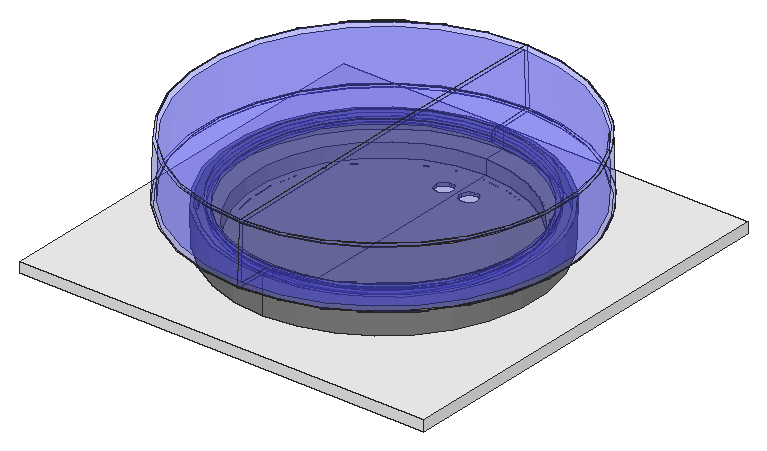
Revit family "BE_24027_de_DE", category Leuchten, Revit 2015
Parameters (values of type "BEGA_24027_Grafit_K4")
  built-in parameter 1150104 = 13.369 (stored number, unit not read)
  Wattage = 28.1 W
  Default Elevation = 0 mm
  built-in parameter 1150113 = 1 (stored number, unit not read)
  built-in parameter 1114218 = 1 (stored number, unit not read)
  Umgebungstemperatur = "25 °C"
  URL = "http://www.bega.de/produkt/24027"
  Typenkommentare = "© 2017 BEGA. Wir behalten uns das Recht vor, technische Änderungen ohne vorherige Ankündigung vorzunehmen."  # constant formula
  Type Image = 24027.png
  built-in parameter 1150134 = 12
  built-in parameter 1150109 = 1 (stored number, unit not read)
  Strom = ""
  built-in parameter 1150110 = 1 (stored number, unit not read)
  Spannung = 239.996 V
  Sonderanfertigung = no
  Seriennummer [instance] = "Hier können Sie die eindeutige Seriennummer für das Facility Management eintragen."
  Schutzklasse = "I"
  Schutzart = "IP 65"
  Scheinlast = 0 VA
  Produktdatenblatt = "http://www.bega.de/download/Xrfa/db/24027.db.de.pdf"
  Oberflächentemperatur = ""
  Neigungswinkel = 0.00°
  Modell = "24027K4"
  Material_17 = BEGA_Reflektor
  Material_15 = BEGA_Leuchtmedium_matt
  Material_11 = BEGA_Glas_opal
  Material_09 = BEGA_Glas_klar
  Material_06 = BEGA_Oberfläche_Edelstahl_gebürstet
  Material_05 = BEGA_Oberfläche_Aluminium Guss
  Material_03 = BEGA_Oberfläche_Weiss_matt
  Material_02 = BEGA_Oberfläche_Silber_matt
  Material_01 [instance] = BEGA_Oberfläche_Grafit_matt
  M_W = no
  M_G = yes
  M_A = no
  Logo = 0
  built-in parameter 1114217 = 1 (stored number, unit not read)
  built-in parameter 1150139 = (empty or 0)
  built-in parameter 1150105 = 1081.8 (stored number, unit not read)
  built-in parameter 1150114 = 1 (stored number, unit not read)
  Lumens = 4043.59 lm
  built-in parameter 1150115 = 1 (stored number, unit not read)
  Leuchtenlichtstrom = "3178 lm"
  Leuchtenanzahl = ""
  Lebensdauerkriterien = "L70B50 @ 25 °C =  h"
  Lastklassifizierung = Beleuchtung
  built-in parameter 1150112 = 1 (stored number, unit not read)
  Lampenlichtstrom = "4045 lm"
  Lampe = "LED 28.1 W"
  LED_Modulbezeichnung = "LED-0832/840 "
  built-in parameter 1150142 = (empty or 0)
  Hersteller = "BEGA"  # constant formula
  Halbstreuwinkel = ""
  Gewicht = "3.8 kg"
  Gebrauchslageneinschränkung [instance] = ""
  Frequenz = "0/50-60 Hz"
  Farbwiedergabeindex = "Ra > 80"
  Farbtemperaturverschiebung bei Dämpfen der Lampe = <Keine Auswahl>
  Farbtemperatur = "4000 K"
  Color Filter = 16777215
  built-in parameter 1150133 = 10 (stored number, unit not read)
  Energieeffizienzklasse = "LED A++ - A"
  built-in parameter 1150137 = (empty or 0)
  built-in parameter 1150132 = (empty or 0)
  ENEC = ""
  Dimmbar [instance] = "DALI"
  Datei für fotometrisches Netz = "BE_24027K4.IES"
  CE_Konformität = "ja"
  Bestellnummer = "24027K4"
  Beschreibung_Sonderanfertigung = "Hier können Sie Informationen zur Sonderanfertigung eintragen."
  Beschreibung = "Decken- und Wandleuchte"
  built-in parameter 1150106 = 10.818 (stored number, unit not read)
  Befestigungsbohrung = "Ø 5,5 mm"
  Befestigungsabstand = "283 mm"
  Ballwurfsicher = ""
  BEGA_Intern_aus = yes
  BEGA_Intern_an = yes
  BEGA_Intern_Konstruktion = yes
  BEGA_Intern = yes
  BEGA_IES = yes
  BEGA_Dummy = no
  Anschlussleitung = ""
  Anschlussleistung [instance] = "32 W"
  Anschlusskasten = ""
  built-in parameter 1150107 = 4000 (stored number, unit not read)
  built-in parameter 1150102 = (empty or 0)
  built-in parameter 1150138 = (empty or 0)
  Aktualisierung = "2017-07-04T04:09:06"
  Abstand_zur_angestrahlten_Fläche [instance] = ""
  AC/DC = "AC/DC"
Types (2, lengths in mm): name | built-in parameter 1150134 | Modell | LED_Modulbezeichnung | Farbtemperatur | Datei für fotometrisches Netz | Bestellnummer | built-in parameter 1150107
  BEGA_24027_Grafit_K3 | (empty or 0) | "24027" | "LED-0832/830 " | "3000 K" | "BE_24027.IES" | "24027" | 3000 (stored number, unit not read)
  BEGA_24027_Grafit_K4 | 12 | "24027K4" | "LED-0832/840 " | "4000 K" | "BE_24027K4.IES" | "24027K4" | 4000 (stored number, unit not read)
Reference planes
  plane 1 "Mitte (Vorne/Hinten)": y = 0
  plane 2: z = 0
  plane 3 "Mitte (Links/Rechts)": x = 0
  plane 4 "Links": x = -179.9
  plane 5 "Rechts": x = 179.9
  plane 6 "Unten": y = -179.948
  plane 7 "Oben": y = 179.948
  plane 8 "Vorne": z = 98.613
  plane 9 "Hinten": z = 0
Forms (mm)
  Extrusion 1, solid, material "BEGA_Platte_Weiss"
    sketch origin (0, -1119.2, 0) x (1, 0, 0) y (0, 1, 0)
      loop
        line (-200, 1319.2) -> (-200, 919.2) -> (200, 919.2) -> (200, 1319.2) -> (-200, 1319.2)
    from 0 to -10
  Extrusion 2, solid, material "BEGA_Dummy_matt", visible <- "BEGA_Dummy"
    sketch origin (77.149, -76.023, 0) x (1, 0, 0) y (0, 1, 0)
      loop
        circle (-77.149, 76.023) r 180
    from 0 to 98.613
Dimensions and locks
  plane 1 "Mitte (Vorne/Hinten)" to Extrusion 1 = 200 mm
  aligned and locked: plane 2 to Extrusion 1
  aligned and locked: level to Extrusion 1
Nested families
  nested 1: "BE_24027" at (0, 0, 0), type "BE_24027"
Connectors
  electrical at (0, 0, 0), driven by "Lastklassifizierung", driven by "Spannung", driven by "Scheinlast"
    settings: index 1, voltage 239.996 V, apparent load 0 VA, apparent load phase1 0 VA, apparent load phase2 0 VA, apparent load phase3 0 VA, power factor 1, load classification "Beleuchtung", number of poles 1, system type 31, power factor state 1, is connector primary yes, connector utility no, sub classification motor no, connector description ""
Definition of nested family "BE_24027"
  Parameters (values of type "BE_24027")
    Default Elevation = 1 mm
    URL = "http://www.bega.de/de/produkt"
    Type Comments = "© 2015 BEGA. Wir behalten uns das Recht vor, technische Änderungen ohne vorherige Ankündigung vorzunehmen. "  # constant formula
    Type Image = (empty or 0)
    Neigungswinkel_um_Z2 = 0.00°
    Neigungswinkel_um_Z1 = 0.00°
    Neigungswinkel_um_Y2 = 0.00°
    Neigungswinkel_um_Y1 = 0.00°
    Neigungswinkel_um_X2 = 0.00°
    Neigungswinkel_um_X1 = 0.00°
    Material_17 = none
    Material_15 = none
    Material_11 = none
    Material_09 = none
    Material_06 = none
    Material_05 = none
    Material_03 = none
    Material_02 = none
    Material_01 = none
    M_W = yes
    M_G = yes
    M_A = yes
    Länge_Platte = 400 mm  # constant formula
    Höhe_Platte = -10 mm  # constant formula
    Manufacturer = "BEGA"  # constant formula
    Drehwinkel_um_Z2 = 0.00°
    Drehwinkel_um_Z1 = 0.00°
    Breite_Platte = 400 mm  # constant formula
  Reference planes
    plane 1 "Mitte (Oben/Unten)": y = 0
    plane 2: z = 0
    plane 3 "Mitte (Links/Rechts)": x = 0
    plane 4: y = -179.948
    plane 5: z = 98.613
    plane 6: y = 179.948
    plane 7: x = -179.9
    plane 8: x = 179.9
  Forms (mm)
    Extrusion 1, solid, detail levels medium
      sketch origin (0, 0, 0) x (1, 0, 0) y (0, 1, 0)
        loop
          line (-200, 200) -> (-200, -200) -> (200, -200) -> (200, 200) -> (-200, 200)
      from 0 to -10 <- "Höhe_Platte"
    Revolve 2, solid, material <- "Material_01", detail levels medium+fine
      sketch origin (0, 0, 0) x (0, 1, 0) y (0, 0, 1)
        loop
          line (0, 1.5) -> (0, 4) -> (-125.732, 4) -> (-126.221, 18) -> (-147.07, 18) -> (-146.764, 35.5) -> (-150, 35.5) -> (-149.389, 0.5) -> (-147.375, 0.5) -> (-147.113, 15.5) -> (-128.635, 15.5) -> (-128.145, 1.466)
          arc (-128.145, 1.466) -> (-127.84, 0.781) -> (-127.145, 0.501) r 1.001
          line (-127.145, 0.501) -> (-123.374, 0.501)
          arc (-123.374, 0.501) -> (-122.897, 0.646) -> (-122.549, 1.003) r 1
          arc (-122.549, 1.003) -> (-122.183, 1.367) -> (-121.684, 1.5) r 1
          line (-121.684, 1.5) -> (0, 1.5)
        axis (0, 35.5) -> (0, 0.5)
      angle from 0 to 360
    Revolve 3, solid, material <- "Material_01", detail levels medium+fine
      sketch origin (141.5, 0, 0) x (0, 1, 0) y (0, 0, 1)
        loop
          line (-2.75, 0) -> (-2.75, 16.024) -> (-7.986, 16.024) -> (-6.928, 0.898)
          arc (-6.928, 0.898) -> (-6.623, 0.259) -> (-5.965, 0) r 0.966
          line (-5.965, 0) -> (-2.75, 0)
        axis (0, 0) -> (0, 16.024)
      angle from 0 to 360
    Extrusion 4, void
      sketch origin (0, 0, 0) x (1, 0, 0) y (0, 1, 0)
        loop
          circle (-12.328, 90.018) r 8.5
        loop
          circle (12.328, 90.018) r 8.5
      from 0 to 10
    Revolve 5, solid, material <- "Material_11", detail levels medium+fine
      sketch origin (0, 0, 0) x (0, 1, 0) y (0, 0, 1)
        loop
          arc (-139.448, 36.051) -> (-138.067, 35.447) -> (-137.5, 34.052) r 2
          line (-137.5, 34.052) -> (-137.5, 29) -> (-133.5, 29) -> (-133.5, 34.052)
          arc (-133.5, 34.052) -> (-135.202, 38.238) -> (-139.343, 40.05) r 6
          line (-139.343, 40.05) -> (-175.897, 41.007) -> (-174.531, 93.146)
          arc (-174.531, 93.146) -> (-87.269, 94.246) -> (0, 94.613) r 10382.551
          line (0, 94.613) -> (0, 98.613)
          arc (0, 98.613) -> (-88.264, 98.238) -> (-176.521, 97.113) r 10386.551
          arc (-176.521, 97.113) -> (-177.895, 96.534) -> (-178.48, 95.166) r 2
          line (-178.48, 95.166) -> (-179.948, 39.112)
          arc (-179.948, 39.112) -> (-179.399, 37.683) -> (-178.001, 37.061) r 2
          line (-178.001, 37.061) -> (-139.448, 36.051)
        axis (0, 29) -> (0, 98.613)
      angle from 0 to 360
    Revolve 6, solid, material <- "Material_01", detail levels medium+fine
      sketch origin (-141.5, 0, 0) x (0, 1, 0) y (0, 0, -1)
        loop
          line (-2.75, 0) -> (-5.965, 0)
          arc (-5.965, 0) -> (-6.623, -0.259) -> (-6.928, -0.898) r 0.966
          line (-6.928, -0.898) -> (-7.986, -16.024) -> (-2.75, -16.024) -> (-2.75, 0)
        axis (0, 0) -> (0, -16.024)
      angle from 0 to 360
  Cuts and joins
    Extrusion 4 cuts Revolve 2
    Extrusion 4 cuts Revolve 3
    joined: Revolve 2, Revolve 3, Revolve 6
  Lines and regions (mm)
    model lines
      curve 1: line (93.513, 2.5, 0) -> (93.513, -2.602, 0)
  Dimensions and locks
    equal spacing: Extrusion 1 sketch curve, plane 3 "Mitte (Links/Rechts)", Extrusion 1 sketch curve
    equal spacing: Extrusion 1 sketch curve, plane 1 "Mitte (Oben/Unten)", Extrusion 1 sketch curve
    "Länge_Platte": Extrusion 1 sketch curve to Extrusion 1 sketch curve
    "Breite_Platte": Extrusion 1 sketch curve to Extrusion 1 sketch curve
    aligned and locked: Extrusion 1 to plane 2
    aligned and locked: level to Extrusion 1
  Automatic sketch dimensions
    plane 1 "Mitte (Oben/Unten)" to curve 1 = 2.602 mm
    plane 8 to curve 1 = 86.387 mm
    curve 1 to plane 1 "Mitte (Oben/Unten)" = 2.5 mm
    Revolve 2 sketch curve to plane 1 "Mitte (Oben/Unten)" = 0 mm  (x2)
    level to Revolve 2 sketch curve = 1.5 mm
    plane 4 to Revolve 2 sketch curve = 58.264 mm
    level to Revolve 2 sketch curve = 0.501 mm
    Revolve 2 sketch curve to Revolve 2 sketch curve = 1.69 mm
    Revolve 2 sketch curve to Revolve 2 sketch curve = 0.043 mm
    Revolve 2 sketch curve to Revolve 2 sketch curve = 2.315 mm
    level to Revolve 2 sketch curve = 18 mm
    Revolve 2 sketch curve to Revolve 2 sketch curve = 0.489 mm
    Revolve 2 sketch curve to Revolve 2 sketch curve = 1.413 mm
    level to Revolve 2 sketch curve = 1.466 mm
    Revolve 2 sketch curve to Revolve 2 sketch curve = 1 mm
    level to Revolve 2 sketch curve = 15.5 mm
    Revolve 2 sketch curve to Revolve 2 sketch curve = 2.414 mm
    Revolve 2 sketch curve to Revolve 2 sketch curve = 20.544 mm
    Revolve 2 sketch curve to Revolve 2 sketch curve = 0.305 mm
    Revolve 2 sketch curve to Revolve 2 sketch curve = 0.044 mm
    level to Revolve 2 sketch curve = 0.5 mm  (x2)
    Revolve 2 sketch curve to Revolve 2 sketch curve = 0.262 mm
    Revolve 2 sketch curve to Revolve 2 sketch curve = 2.014 mm
    Revolve 2 sketch curve to Revolve 2 sketch curve = 3.236 mm
    Revolve 2 sketch curve to Revolve 2 sketch curve = 0.999 mm
    Revolve 2 sketch curve to Revolve 2 sketch curve = 2.5 mm
    Revolve 2 sketch curve to Revolve 2 sketch curve = 17.5 mm
    Revolve 2 sketch curve to Revolve 2 sketch curve = 0 mm  (x2)
    Revolve 3 sketch curve to level = 0 mm  (x2)
    Revolve 3 sketch curve to plane 1 "Mitte (Oben/Unten)" = 0 mm
    plane 1 "Mitte (Oben/Unten)" to Revolve 3 sketch curve = 2.75 mm
    Revolve 3 sketch curve to Revolve 3 sketch curve = 3.215 mm
    level to Revolve 3 sketch curve = 0.898 mm
    Revolve 3 sketch curve to Revolve 3 sketch curve = 0.963 mm
    Revolve 3 sketch curve to Revolve 3 sketch curve = 5.236 mm
    Revolve 3 sketch curve to Revolve 3 sketch curve = 15.125 mm
    Revolve 3 sketch curve to Revolve 3 sketch curve = 3.016 mm
    Extrusion 4 sketch curve to plane 3 "Mitte (Links/Rechts)" = 12.328 mm
    plane 3 "Mitte (Links/Rechts)" to Extrusion 4 sketch curve = 12.328 mm
    plane 6 to Extrusion 4 sketch curve = 89.93 mm
    Extrusion 4 sketch curve to Extrusion 4 sketch curve = 0 mm
    Revolve 5 sketch curve to plane 1 "Mitte (Oben/Unten)" = 0 mm  (x2)
    plane 1 "Mitte (Oben/Unten)" to Revolve 5 sketch curve = 0 mm
    plane 4 to Revolve 5 sketch curve = 46.448 mm
    Revolve 5 sketch curve to Revolve 5 sketch curve = 4 mm
    Revolve 5 sketch curve to Revolve 5 sketch curve = 2 mm
    Revolve 5 sketch curve to Revolve 5 sketch curve = 0 mm  (x18)
    plane 4 to Revolve 5 sketch curve = 5.417 mm
    plane 4 to Revolve 5 sketch curve = 4.052 mm
    Revolve 5 sketch curve to Revolve 5 sketch curve = 1.955 mm
    plane 4 to Revolve 5 sketch curve = 2 mm
    Revolve 5 sketch curve to plane 1 "Mitte (Oben/Unten)" = 0.006 mm
    Revolve 5 sketch curve to level = 10287.938 mm
    Revolve 5 sketch curve to Revolve 5 sketch curve = 0.001 mm
    level to Revolve 5 sketch curve = 29 mm
    Revolve 5 sketch curve to Revolve 5 sketch curve = 5.052 mm
    Revolve 5 sketch curve to Revolve 5 sketch curve = 5.008 mm
    Revolve 5 sketch curve to Revolve 5 sketch curve = 1.947 mm
    plane 5 to Revolve 5 sketch curve = 5.467 mm
    Revolve 5 sketch curve to Revolve 5 sketch curve = 1.967 mm
    Revolve 5 sketch curve to plane 5 = 0 mm
    Revolve 5 sketch curve to Revolve 5 sketch curve = 0.157 mm
    Revolve 5 sketch curve to Revolve 5 sketch curve = 0.052 mm
    plane 4 to Revolve 5 sketch curve = 1.948 mm
    plane 4 to Revolve 5 sketch curve = 1.468 mm
    Revolve 5 sketch curve to Revolve 5 sketch curve = 0.006 mm
    plane 4 to Revolve 5 sketch curve = 0.001 mm
    Revolve 5 sketch curve to Revolve 5 sketch curve = 1.999 mm
    Revolve 5 sketch curve to Revolve 5 sketch curve = 29.683 mm
    Revolve 5 sketch curve to Revolve 5 sketch curve = 8.85 mm
    Revolve 6 sketch curve to level = 0 mm  (x2)
    Revolve 6 sketch curve to plane 1 "Mitte (Oben/Unten)" = 0 mm
    plane 1 "Mitte (Oben/Unten)" to Revolve 6 sketch curve = 2.75 mm
    Revolve 6 sketch curve to Revolve 6 sketch curve = 3.215 mm
    level to Revolve 6 sketch curve = 0.898 mm
    Revolve 6 sketch curve to Revolve 6 sketch curve = 0.963 mm
    Revolve 6 sketch curve to Revolve 6 sketch curve = 5.236 mm
    Revolve 6 sketch curve to Revolve 6 sketch curve = 15.058 mm
    Revolve 6 sketch curve to Revolve 6 sketch curve = 3.016 mm
    radius of Extrusion 4 sketch curve = 8.5 mm  (x2)
